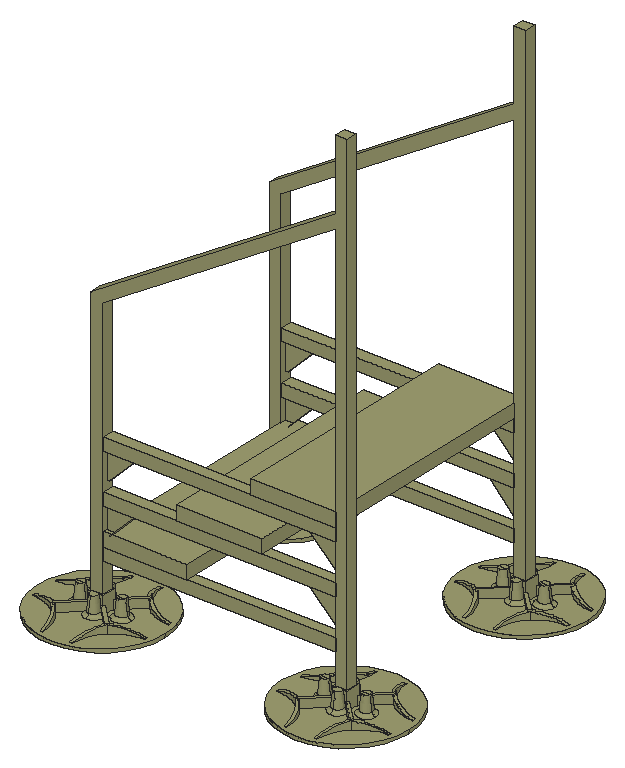
Revit family "Roof_Walkway_Stair", category Generic Models, Revit 2013
Parameters
  offset [instance] = 0 mm
  Warranty Duration (Years) = 0
  Unit Width [instance] = Clear Width + 82.55 mm  # 844.55 mm
  Unit Height [instance] = Stair Rise + 228.6 mm + 1130.3 mm  # 1892.3 mm
  Unit Depth [instance] = (Stair Run) + 82.55 mm  # 920.75 mm
  URL = ""
  Tread_Width [instance] = Clear Width + 82.55 mm  # 844.55 mm
  Tread_Thickness [instance] = 50.8 mm
  Tread_Depth [instance] = 304.8 mm
  Surface Condition [instance] = "[MG - Traction Grip][MS - Smooth]"
  Stair Run [instance] = 838.2 mm
  Stair Rise [instance] = 533.4 mm
  Single Tread [instance] = # Treads = 1  # no
  Single Support [instance] = and(# Treads < 3, # Treads > 1)  # no
  Riser [instance] = Stair Rise / QC_Treads  # 177.8 mm
  Revision = ""
  Rail Angle [instance] = atan(Stair Rise / Stair Run)  # 32.4712°
  QC_Supports [instance] = if(# Treads < 3, 2, # Treads - 1)  # 2
  Multi Tread [instance] = # Treads > 1  # yes
  Multi Support [instance] = # Treads > 2  # yes
  Model = ""
  Material = Support
  Manufacturer = ""
  Maintenance Schedule (Months) = 0
  Keynote = ""
  Installation Phase = ""
  Grating Gauge = "[14ga][18ga]"
  Flange Option = "[FM][MM]"
  Expected Lifespan (Years) = 0
  Drawn By = ""
  Description = ""
  Default Elevation = 1219.2 mm
  Copyright = ""
  Clear Width [instance] = 762 mm
  Base Type [instance] = Base_Walk_Round : Base_Walk_Round
  Assembly Code = ""
  QC_Treads [instance] = if(# Treads < 2, 2, # Treads)  # 3
  # Treads [instance] = 3
Reference planes
  plane 1 "Center (Front/Back)": y = 0
  plane 2 "Bottom": z = 0
  plane 3 "Center (Left/Right)": x = -876.3
  plane 4: x = -457.2
  plane 5: x = -1295.4
  plane 6: z = 76.2
  plane 7: z = 228.6
  plane 8: z = 762
  plane 9: z = 1892.3
  plane 10 "Clear_Back": y = 381
  plane 11 "Clear_Front": y = -381
  plane 12 "Post_Back": y = 401.637
  plane 13 "Post_Front": y = -401.637
  plane 14: z = 1358.9
  plane 15: z = 1016
  plane 16: z = 457.2
Forms (mm)
  Sweep 1, solid, material "Support" <- "Material"
    path origin (0, -401.638, 0) x (-1, 0, 0) y (0, 0, 1)
      loop
        line (436.562, 76.2) -> (436.562, 1851.025)
    profile "P_Rectangle : P_Rectangle" origin (-436.562, -401.638, 963.612) x (1, 0, 0) y (0, 1, 0)
      loop
        line (-20.638, 20.637) -> (-20.638, -20.637) -> (20.637, -20.637) -> (20.637, 20.637) -> (-20.638, 20.637)
  Sweep 2, solid, material "Support" <- "Material"
    path origin (0, 401.637, 0) x (-1, 0, 0) y (0, 0, 1)
      loop
        line (436.562, 76.2) -> (436.562, 1851.025)
    profile "P_Rectangle : P_Rectangle" origin (-436.562, 401.637, 963.612) x (1, 0, 0) y (0, 1, 0)
      loop
        line (-20.638, 20.637) -> (-20.638, -20.637) -> (20.637, -20.637) -> (20.637, 20.637) -> (-20.638, 20.637)
  Sweep 3, solid, material "Support" <- "Material"
    path origin (0, -401.638, 0) x (1, 0, 0) y (0, 0, 1)
      loop
        line (-1336.675, 76.2) -> (-1336.675, 1038.658) -> (-457.2, 1598.324)
    profile "P_Rectangle : P_Rectangle" origin (-1336.675, -401.637, 557.429) x (1, 0, 0) y (0, 1, 0)
      loop
        line (41.275, 20.637) -> (0, 20.637) -> (0, -20.637) -> (41.275, -20.637) -> (41.275, 20.637)
  Sweep 4, solid, material "Support" <- "Material"
    path origin (0, 401.637, 0) x (-1, 0, 0) y (0, 0, 1)
      loop
        line (1336.675, 76.2) -> (1336.675, 1038.658) -> (457.2, 1598.324)
    profile "P_Rectangle : P_Rectangle" origin (-1336.675, 401.637, 557.429) x (1, 0, 0) y (0, 1, 0)
      loop
        line (41.275, 20.637) -> (0, 20.637) -> (0, -20.637) -> (41.275, -20.637) -> (41.275, 20.637)
Cuts and joins
  joined: Sweep 1, Sweep 3
  joined: Sweep 2, Sweep 4
Lines and regions (mm)
  reference lines
    curve 1: line (-1295.4, -401.637, 1016) -> (-223.95, -401.638, 1697.832)
Dimensions and locks
  "Stair Run": plane 5 to plane 4
  locked: plane 6 to level at 76.2
  locked: plane 7 to plane 6 at 152.4
  "Stair Rise": plane 8 to plane 7
  locked: plane 9 to plane 8 at 1130.3
  equal spacing: plane 10 "Clear_Back", plane 1 "Center (Front/Back)", plane 11 "Clear_Front"
  "Clear Width": plane 10 "Clear_Back" to plane 11 "Clear_Front"
  equal spacing: group 1, group 3, group 2  (x2)
  equal spacing: group 2, group 3, group 1
  "Riser": plane 8 to nested 2
  locked: plane 11 "Clear_Front" to plane 13 "Post_Front" at 20.638
  locked: plane 12 "Post_Back" to plane 10 "Clear_Back" at 20.637
  locked: nested 4 to plane 5 at 20.637
  locked: nested 5 to plane 5 at 20.637
  locked: plane 4 to nested 7 at 20.637
  locked: plane 4 to nested 6 at 20.637
  locked: plane 9 to Sweep 1 sketch curve at 41.275
  locked: plane 9 to plane 14 at 533.4
  "Riser": nested 9 to plane 7
  group 5 to group 4 = 0 mm
  group 4 to group 5 = 0 mm
  group 4 to group 5 = 177.8 mm
  "Riser": nested 10 to plane 7
  "Riser": plane 8 to nested 11
  group 7 to group 6 = 0 mm
  group 6 to group 7 = 0 mm
  group 6 to group 7 = 177.8 mm
  "Riser": nested 14 to plane 7
  "Riser": nested 15 to plane 7
  "Riser": plane 8 to nested 16
  locked: plane 15 to plane 6 at 939.8
  locked: plane 5 to Sweep 3 sketch curve at 41.275
  locked: curve 1 to Sweep 3 sketch curve at 41.275
  locked: plane 8 to plane 16 at 304.8
  equal spacing: plane 5, plane 3 "Center (Left/Right)", plane 4
  "Rail Angle": angle plane 15 to curve 1
  aligned and locked: nested 1 to plane 5
  aligned and locked: plane 7 to nested 1
  aligned and locked: nested 2 to plane 4
  aligned and locked: nested 1 to plane 1 "Center (Front/Back)"
  aligned and locked: nested 2 to plane 1 "Center (Front/Back)"
  aligned and locked: nested 5 to plane 12 "Post_Back"
  aligned and locked: nested 7 to plane 12 "Post_Back"
  aligned and locked: nested 6 to plane 13 "Post_Front"
  aligned and locked: nested 4 to plane 13 "Post_Front"
  aligned and locked: plane 6 to Sweep 1 sketch curve
  aligned and locked: plane 5 to nested 8
  aligned and locked: nested 8 to plane 13 "Post_Front"
  aligned and locked: plane 5 to nested 9
  aligned and locked: nested 9 to plane 13 "Post_Front"
  aligned and locked: plane 5 to nested 10
  aligned and locked: plane 5 to nested 11
  aligned and locked: nested 11 to plane 13 "Post_Front"
  aligned and locked: nested 10 to plane 13 "Post_Front"
  aligned and locked: nested 12 to plane 1 "Center (Front/Back)"
  aligned and locked: nested 12 to plane 5
  aligned and locked: nested 13 to plane 12 "Post_Back"
  aligned and locked: nested 14 to plane 12 "Post_Back"
  aligned and locked: nested 15 to plane 12 "Post_Back"
  aligned and locked: nested 16 to plane 12 "Post_Back"
  aligned and locked: plane 4 to Sweep 3 sketch curve
  aligned and locked: plane 5 to nested 13
  aligned and locked: plane 5 to nested 15
  aligned and locked: plane 5 to nested 14
  aligned and locked: plane 5 to nested 16
Automatic sketch dimensions
  plane 4 to Sweep 1 sketch curve = 20.638 mm
  Sweep 2 sketch curve to plane 6 = 0 mm
  plane 4 to Sweep 2 sketch curve = 20.638 mm
  Sweep 2 sketch curve to plane 9 = 41.275 mm
  Sweep 3 sketch curve to plane 6 = 0 mm
  Sweep 4 sketch curve to plane 4 = 0 mm
  Sweep 4 sketch curve to plane 6 = 0 mm
  Sweep 4 sketch curve to plane 5 = 41.275 mm
  Sweep 4 sketch curve to plane 15 = 22.658 mm
  plane 14 to Sweep 4 sketch curve = 239.424 mm
  curve 1 to plane 5 = 0 mm
  curve 1 to plane 15 = 0 mm
Nested families
  nested 1: "Cross_Tread" at (-1143, 0, 228.6) x (0, 1, 0) z (0, 0, 1), Unit Width <- "Tread_Width", Unit Depth <- "Tread_Depth", visible <- "Multi Tread", Material <- "Material", type "Cross_Tread"
    with offset 0 mm, Unit Width 844.55 mm, Unit Depth 304.8 mm, Material Support, Unit Height 50.8 mm
  nested 2: "Cross_Tread" at (-609.6, 0, 584.2) x (0, 1, 0) z (0, 0, 1), Unit Width <- "Tread_Width", Unit Depth <- "Tread_Depth", visible <- "Multi Tread", Material <- "Material", type "Cross_Tread"
    with offset 0 mm, Unit Width 844.55 mm, Unit Depth 304.8 mm, Material Support, Unit Height 50.8 mm
  nested 3: "Cross_Tread" at (-876.3, 0, 406.4) x (0, 1, 0) z (0, 0, 1), Unit Width <- "Tread_Width", Unit Depth <- "Tread_Depth", visible <- "Multi Tread", Material <- "Material", type "Cross_Tread"
    with offset 0 mm, Unit Width 844.55 mm, Unit Depth 304.8 mm, Material Support, Unit Height 50.8 mm
  nested 4: "Base_Walk_Round" at (-1316.038, -401.638, 0), type <- "Base Type", type "Base_Walk_Round"
  nested 5: "Base_Walk_Round" at (-1316.037, 401.637, 0), type <- "Base Type", type "Base_Walk_Round"
  nested 6: "Base_Walk_Round" at (-436.563, -401.638, 0), type <- "Base Type", type "Base_Walk_Round"
  nested 7: "Base_Walk_Round" at (-436.562, 401.637, 0), type <- "Base Type", type "Base_Walk_Round"
  nested 8: "Cross_TreadSupport" at (-876.3, -401.637, 228.6), Unit Width <- "Stair Run", type "Cross_TreadSupport"
    with offset 0 mm, Unit Width 838.2 mm, Angle Supports no
  nested 9: "Cross_TreadSupport" at (-876.3, -401.637, 406.4), Unit Width <- "Stair Run", visible <- "Single Support", type "Cross_TreadSupport"
    with offset 0 mm, Unit Width 838.2 mm, Angle Supports yes
  nested 10: "Cross_TreadSupport" at (-876.3, -401.637, 406.4), Unit Width <- "Stair Run", visible <- "Multi Support", type "Cross_TreadSupport"
    with offset 0 mm, Unit Width 838.2 mm, Angle Supports yes
  nested 11: "Cross_TreadSupport" at (-876.3, -401.637, 584.2), Unit Width <- "Stair Run", visible <- "Multi Support", type "Cross_TreadSupport"
    with offset 0 mm, Unit Width 838.2 mm, Angle Supports yes
  nested 12: "Cross_Tread" at (-1143, 0, 228.6) x (0, 1, 0) z (0, 0, 1), Unit Width <- "Tread_Width", Unit Depth <- "Tread_Depth", visible <- "Single Tread", type "Cross_Tread"
    with offset 0 mm, Unit Width 844.55 mm, Unit Depth 304.8 mm, Material Metal - Steel - PHP - Galvanized, Unit Height 50.8 mm
  nested 13: "Cross_TreadSupport" at (-876.3, 401.637, 228.6), Unit Width <- "Stair Run", type "Cross_TreadSupport"
    with offset 0 mm, Unit Width 838.2 mm, Angle Supports no
  nested 14: "Cross_TreadSupport" at (-876.3, 401.637, 406.4), Unit Width <- "Stair Run", visible <- "Single Support", type "Cross_TreadSupport"
    with offset 0 mm, Unit Width 838.2 mm, Angle Supports yes
  nested 15: "Cross_TreadSupport" at (-876.3, 401.637, 406.4), Unit Width <- "Stair Run", visible <- "Multi Support", type "Cross_TreadSupport"
    with offset 0 mm, Unit Width 838.2 mm, Angle Supports yes
  nested 16: "Cross_TreadSupport" at (-876.3, 401.637, 584.2), Unit Width <- "Stair Run", visible <- "Multi Support", type "Cross_TreadSupport"
    with offset 0 mm, Unit Width 838.2 mm, Angle Supports yes
Definition of nested family "Cross_Tread"
  Parameters
    offset [instance] = 0 mm
    Warranty Duration (Years) = 0
    Unit Width [instance] = 1219.2 mm
    Unit Height = 76.2 mm
    Unit Depth [instance] = 304.8 mm
    URL = "http://www.phpsd.com/"
    Test Data = "http://www.phpsd.com/test_data.htm"
    Specification = "http://www.arcat.com/sd/clients/portpipe.html?coid=38679"
    Send Message = "http://www.arcat.com/users.pl?action=UserEmail&company=PHP%20Systems/Design&coid=38679&rep=108&fax=713-672-7986&mf="
    Sales Information = "http://www.phpsd.com/quote_request.htm"
    Revision = "R1_03-2010"
    Product Properties = "http://www.arcat.com/bim/bim_info.pl?fn="
    Product Data = "http://www.arcat.com/arcatcos/cos38/arc38679.html"
    Model = "As Specified in 21 05 29"
    Material [instance] = Plastic - PHP - High Density Polypropylene - Black - UV Protected
    Manufacturer Website = "http://www.phpsd.com/"
    Manufacturer Phone - Toll Free = "800-797-6585 "
    Manufacturer Phone = "713-672-5088 "
    Manufacturer Fax = "713-672-7986"
    Manufacturer Address = "5534 Harvey Wilson Dr., Houston, TX 77020"
    Manufacturer = "PHP Systems"
    Maintenance Schedule (Months) = 0
    Keynote = "21 05 29"
    Installation-Fabrication = "http://www.phpsd.com/help_me_decide.htm"
    Installation Phase = ""
    Green Building-LEED = "http://www.arcat.com/green/clients/leed_data_38679.html"
    Expected Lifespan (Years) = 0
    Engineering Data = "http://www.phpsd.com/engineering_tables.htm"
    Drawn By = "Robert S. Weygant, CSI, CDT, SCIP"
    Description = "Rooftop Equipment as Specified in 21 05 29"
    Default Elevation = 1219.2 mm
    Copyright = "2010, ARCAT, Inc"
    Construction Details = "http://www.arcat.com/details/portpipe/portpipe.html?coid=38679"
    Assembly Code = "D3090700"
  Reference planes
    plane 1 "Center (Front/Back)": y = 0
    plane 2 "Bottom": z = 0
    plane 3 "Center (Left/Right)": x = 0
    plane 4 "Front": y = -152.4
    plane 5 "Back": y = 152.4
    plane 6 "Left": x = -609.6
    plane 7 "Right": x = 609.6
    plane 8 "Base": z = 76.2
  Forms (mm)
    Sweep 1, solid, material "Plastic - PHP - High Density Polypropylene - Black - UV Protected" <- "Material"
      path origin (0, 0, 0) x (1, 0, 0) y (0, 1, 0)
        loop
          line (-609.6, 0) -> (609.6, 0)
      profile origin (0, 0, 0) x (0, 1, 0) y (0, 0, 1)
        loop
          line (152.4, 0) -> (152.4, 76.2) -> (-152.4, 76.2) -> (-152.4, 0) -> (152.4, 0)
  Dimensions and locks
    equal spacing: plane 5 "Back", plane 1 "Center (Front/Back)", plane 4 "Front"
    equal spacing: plane 6 "Left", plane 3 "Center (Left/Right)", plane 7 "Right"
    "Unit Width": plane 6 "Left" to plane 7 "Right"
    "Unit Height": plane 8 "Base" to level
    "Unit Depth": plane 5 "Back" to plane 4 "Front"
    aligned and locked: plane 5 "Back" to Sweep 1 sketch curve
    aligned and locked: profile plane to Sweep 1 sketch curve
    aligned and locked: plane 8 "Base" to Sweep 1 sketch curve
    aligned and locked: Sweep 1 sketch curve to plane 4 "Front"
  Automatic sketch dimensions
    Sweep 1 sketch curve to plane 1 "Center (Front/Back)" = 0 mm
    Sweep 1 sketch curve to plane 6 "Left" = 0 mm
    Sweep 1 sketch curve to plane 7 "Right" = 0 mm
Definition of nested family "Base_Walk_Round"
  Parameters (values of type "Base_Walk_Round")
    offset [instance] = 0 mm
    Warranty Duration (Years) = 0
    Unit Width = 457.2 mm
    Unit Height = 76.2 mm
    Unit Depth = Unit Width  # 457.2 mm
    URL = ""
    Test Data = ""
    Specification = ""
    Send Message = ""
    Sales Information = ""
    Revision = ""
    Product Properties = ""
    Product Data = ""
    Model = ""
    Material = Support
    Manufacturer Website = ""
    Manufacturer Phone - Toll Free = ""
    Manufacturer Phone = ""
    Manufacturer Fax = ""
    Manufacturer Address = ""
    Manufacturer = ""
    Maintenance Schedule (Months) = 0
    Keynote = ""
    Installation-Fabrication = ""
    Installation Phase = ""
    Green Building-LEED = ""
    Expected Lifespan (Years) = 0
    Engineering Data = ""
    Drawn By = "Robert S. Weygant, CSI, CDT, SCIP"
    Description = ""
    Default Elevation = 1219.2 mm
    Copyright = "2010, ARCAT, Inc"
    Construction Details = ""
    Assembly Code = ""
  Reference planes
    plane 1 "Center (Front/Back)": y = 0
    plane 2 "Bottom": z = 0
    plane 3 "Center (Left/Right)": x = 0
    plane 4 "Front": y = -228.6
    plane 5 "Back": y = 228.6
    plane 6 "Left": x = -228.6
    plane 7 "Right": x = 228.6
    plane 8 "Top": z = 76.2
    plane 9: z = 31.707
    plane 10: z = 11.536
    plane 11 "Brace_Lt": x = -74.627
    plane 12 "Brace_Rt": x = 74.627
  Forms (mm)
    Extrusion 1, solid, material "Support" <- "Material"
      sketch origin (0, 0, 0) x (1, 0, 0) y (0, 1, 0)
        loop
          circle (0, 0) r 228.6
      from 0 to 11.536
    Extrusion 2, solid, material "Support" <- "Material"
      sketch origin (141.287, -4572, 11.536) x (0, -1, 0) y (-1, 0, 0)
        loop
          line (-4598.46, 167.47) -> (-4598.46, 115.104) -> (-4545.54, 115.104) -> (-4545.54, 167.47) -> (-4598.46, 167.47)
      from 0 to -64.664
    Revolve 3, solid, material "Support" <- "Material"
      sketch origin (0, 0, 0) x (1, 0, 0) y (0, 0, 1)
        loop
          line (-89.39, 76.2) -> (-94.497, 23.161)
          arc (-94.497, 23.161) -> (-99.091, 14.843) -> (-107.999, 11.536) r 13.653
          line (-107.999, 11.536) -> (-74.627, 11.536) -> (-74.627, 76.2) -> (-89.39, 76.2)
        axis (-74.627, 11.536) -> (-74.627, 76.2)
      angle from 0 to 360
    Revolve 4, solid, material "Support" <- "Material"
      sketch origin (0, 0, 0) x (-1, 0, 0) y (0, 0, 1)
        loop
          line (-89.39, 76.2) -> (-94.497, 23.161)
          arc (-94.497, 23.161) -> (-99.091, 14.843) -> (-107.999, 11.536) r 13.653
          line (-107.999, 11.536) -> (-74.627, 11.536) -> (-74.627, 76.2) -> (-89.39, 76.2)
        axis (-74.627, 11.536) -> (-74.627, 76.2)
      angle from 0 to 360
    Revolve 5, solid, material "Support" <- "Material"
      sketch origin (0, 0, 0) x (0, 1, 0) y (0, 0, 1)
        loop
          line (49.562, 76.2) -> (34.799, 76.2) -> (34.799, 11.536) -> (68.171, 11.536)
          arc (68.171, 11.536) -> (59.263, 14.843) -> (54.669, 23.161) r 13.653
          line (54.669, 23.161) -> (49.562, 76.2)
        axis (34.799, 11.536) -> (34.799, 76.2)
      angle from 0 to 360
    Revolve 6, solid, material "Support" <- "Material"
      sketch origin (0, 0, 0) x (0, -1, 0) y (0, 0, -1)
        loop
          line (49.562, -76.2) -> (54.669, -23.161)
          arc (54.669, -23.161) -> (59.263, -14.843) -> (68.171, -11.536) r 13.653
          line (68.171, -11.536) -> (34.799, -11.536) -> (34.799, -76.2) -> (49.562, -76.2)
        axis (34.799, -11.536) -> (34.799, -76.2)
      angle from 0 to 360
    Sweep 7, solid, material "Support" <- "Material"
      path origin (141.287, -4572, 11.536) x (0, -1, 0) y (1, 0, 0)
        loop
          line (-4475.017, -238.336) -> (-4552.464, -160.889)
      profile origin (-58.325, -58.26, 11.536) x (-0.707107, 0.707107, 0) y (0, 0, 1)
        loop
          line (4.762, 0) -> (4.762, 31.75) -> (-4.763, 31.75) -> (-4.763, 0) -> (4.762, 0)
    Sweep 8, solid, material "Support" <- "Material"
      path origin (-141.287, -4572, 11.536) x (0, 1, 0) y (-1, 0, 0)
        loop
          line (4473.866, -239.486) -> (4552.464, -160.889)
      profile origin (58.901, -58.835, 11.536) x (-0.707107, -0.707107, 0) y (0, 0, 1)
        loop
          line (-4.762, 0) -> (4.763, 0) -> (4.763, 31.75) -> (-4.762, 31.75) -> (-4.762, 0)
    Sweep 9, solid, material "Support" <- "Material"
      path origin (141.287, 4572, 11.536) x (0, -1, 0) y (1, 0, 0)
        loop
          line (4475.017, -238.336) -> (4552.464, -160.889)
      profile origin (-58.325, 58.26, 11.536) x (0.707107, 0.707107, 0) y (0, 0, 1)
        loop
          line (-4.762, 0) -> (4.763, 0) -> (4.763, 31.75) -> (-4.762, 31.75) -> (-4.762, 0)
    Sweep 10, solid, material "Support" <- "Material"
      path origin (-141.287, 4572, 11.536) x (0, 1, 0) y (-1, 0, 0)
        loop
          line (-4473.887, -239.465) -> (-4552.464, -160.889)
      profile origin (58.89, 58.825, 11.536) x (0.707107, -0.707107, 0) y (0, 0, 1)
        loop
          line (4.762, 0) -> (4.762, 31.75) -> (-4.763, 31.75) -> (-4.763, 0) -> (4.762, 0)
    SweptBlend 11, solid, material "Support" <- "Material"
      path origin (141.287, -4572, 11.536) x (0, -1, 0) y (1, 0, 0)
        loop
          arc (-4518.428, -343.122) -> (-4507.149, -286.419) -> (-4475.03, -238.348) r 148.172
      profile origin (-201.835, -53.572, 11.536) x (0, 1, 0) y (0, 0, 1)
        loop
          line (-4.763, 0) -> (-4.763, -3.175) -> (4.763, -3.175) -> (4.763, 0) -> (-4.763, 0)
      end profile origin (-97.061, -96.97, 11.536) x (0.707107, 0.707107, 0) y (0, 0, 1)
        loop
          line (-4.763, 28.575) -> (-4.763, -3.175) -> (4.762, -3.175) -> (4.762, 28.575) -> (-4.763, 28.575)
    SweptBlend 12, solid, material "Support" <- "Material"
      path origin (-4572.066, 141.352, 11.536) x (1, 0, 0) y (0, 1, 0)
        loop
          arc (4518.403, -343.097) -> (4507.124, -286.394) -> (4475.004, -238.323) r 148.172
      profile origin (-53.663, -201.744, 11.536) x (-1, 0, 0) y (0, 0, 1)
        loop
          line (4.762, 0) -> (-4.763, 0) -> (-4.763, -3.175) -> (4.762, -3.175) -> (4.762, 0)
      end profile origin (-97.061, -96.97, 11.536) x (-0.707107, -0.707107, 0) y (0, 0, 1)
        loop
          line (4.763, 28.575) -> (-4.762, 28.575) -> (-4.762, -3.175) -> (4.763, -3.175) -> (4.763, 28.575)
    SweptBlend 13, solid, material "Support" <- "Material"
      path origin (141.287, 4572, 11.536) x (0, -1, 0) y (1, 0, 0)
        loop
          arc (4518.428, -343.122) -> (4507.149, -286.419) -> (4475.03, -238.348) r 148.172
      profile origin (-201.835, 53.572, 11.536) x (0, 1, 0) y (0, 0, 1)
        loop
          line (4.763, 0) -> (-4.762, 0) -> (-4.762, -3.175) -> (4.763, -3.175) -> (4.763, 0)
      end profile origin (-97.061, 96.97, 11.536) x (-0.707107, 0.707107, 0) y (0, 0, 1)
        loop
          line (4.763, 28.575) -> (-4.762, 28.575) -> (-4.762, -3.175) -> (4.763, -3.175) -> (4.763, 28.575)
    SweptBlend 14, solid, material "Support" <- "Material"
      path origin (-4572.066, -141.352, 11.536) x (-1, 0, 0) y (0, -1, 0)
        loop
          arc (-4518.403, -343.097) -> (-4507.124, -286.394) -> (-4475.004, -238.323) r 148.172
      profile origin (-53.663, 201.744, 11.536) x (1, 0, 0) y (0, 0, 1)
        loop
          line (-4.762, 0) -> (-4.762, -3.175) -> (4.763, -3.175) -> (4.763, 0) -> (-4.762, 0)
      end profile origin (-97.061, 96.97, 11.536) x (0.707107, -0.707107, 0) y (0, 0, 1)
        loop
          line (-4.763, 28.575) -> (-4.763, -3.175) -> (4.762, -3.175) -> (4.762, 28.575) -> (-4.763, 28.575)
    SweptBlend 15, solid, material "Support" <- "Material"
      path origin (-141.287, -4572, 11.536) x (0, 1, 0) y (-1, 0, 0)
        loop
          arc (4518.428, -343.122) -> (4507.149, -286.419) -> (4475.03, -238.348) r 148.172
      profile origin (201.835, -53.572, 11.536) x (0, -1, 0) y (0, 0, 1)
        loop
          line (4.762, 0) -> (-4.763, 0) -> (-4.763, -3.175) -> (4.762, -3.175) -> (4.762, 0)
      end profile origin (97.061, -96.97, 11.536) x (0.707107, -0.707107, 0) y (0, 0, 1)
        loop
          line (4.763, 28.575) -> (-4.762, 28.575) -> (-4.762, -3.175) -> (4.763, -3.175) -> (4.763, 28.575)
    SweptBlend 16, solid, material "Support" <- "Material"
      path origin (4572.066, 141.352, 11.536) x (1, 0, 0) y (0, 1, 0)
        loop
          arc (-4518.403, -343.097) -> (-4507.124, -286.394) -> (-4475.004, -238.323) r 148.172
      profile origin (53.663, -201.744, 11.536) x (-1, 0, 0) y (0, 0, 1)
        loop
          line (-4.763, 0) -> (-4.763, -3.175) -> (4.762, -3.175) -> (4.762, 0) -> (-4.763, 0)
      end profile origin (97.061, -96.97, 11.536) x (-0.707107, 0.707107, 0) y (0, 0, 1)
        loop
          line (-4.763, 28.575) -> (-4.763, -3.175) -> (4.762, -3.175) -> (4.762, 28.575) -> (-4.763, 28.575)
    SweptBlend 17, solid, material "Support" <- "Material"
      path origin (-141.287, 4572, 11.536) x (0, 1, 0) y (-1, 0, 0)
        loop
          arc (-4518.428, -343.122) -> (-4507.149, -286.419) -> (-4475.03, -238.348) r 148.172
      profile origin (201.835, 53.572, 11.536) x (0, -1, 0) y (0, 0, 1)
        loop
          line (-4.763, 0) -> (-4.763, -3.175) -> (4.762, -3.175) -> (4.762, 0) -> (-4.763, 0)
      end profile origin (97.061, 96.97, 11.536) x (-0.707107, -0.707107, 0) y (0, 0, 1)
        loop
          line (-4.763, 28.575) -> (-4.763, -3.175) -> (4.762, -3.175) -> (4.762, 28.575) -> (-4.763, 28.575)
    SweptBlend 18, solid, material "Support" <- "Material"
      path origin (4572.066, -141.352, 11.536) x (-1, 0, 0) y (0, -1, 0)
        loop
          arc (4518.403, -343.097) -> (4507.124, -286.394) -> (4475.004, -238.323) r 148.172
      profile origin (53.663, 201.744, 11.536) x (1, 0, 0) y (0, 0, 1)
        loop
          line (4.762, 0) -> (-4.763, 0) -> (-4.763, -3.175) -> (4.762, -3.175) -> (4.762, 0)
      end profile origin (97.061, 96.97, 11.536) x (0.707107, 0.707107, 0) y (0, 0, 1)
        loop
          line (4.763, 28.575) -> (-4.762, 28.575) -> (-4.762, -3.175) -> (4.763, -3.175) -> (4.763, 28.575)
  Cuts and joins
    joined: Extrusion 1, Extrusion 2, Revolve 3, Revolve 4, Revolve 5, Revolve 6, Sweep 7, Sweep 8, Sweep 9, Sweep 10, SweptBlend 11, SweptBlend 12, SweptBlend 13, SweptBlend 14, SweptBlend 15, SweptBlend 16, SweptBlend 17, SweptBlend 18
  Dimensions and locks
    equal spacing: plane 5 "Back", plane 1 "Center (Front/Back)", plane 4 "Front"
    "Unit Depth": plane 5 "Back" to plane 4 "Front"
    equal spacing: plane 6 "Left", plane 3 "Center (Left/Right)", plane 7 "Right"
    "Unit Width": plane 6 "Left" to plane 7 "Right"
    "Unit Height": plane 8 "Top" to level
    aligned and locked: Extrusion 1 to plane 10
    aligned and locked: plane 8 "Top" to Extrusion 2
  Automatic sketch dimensions
    Extrusion 1 sketch curve to plane 1 "Center (Front/Back)" = 0 mm
    Extrusion 1 sketch curve to plane 3 "Center (Left/Right)" = 0 mm
    Extrusion 2 sketch curve to plane 1 "Center (Front/Back)" = 26.46 mm
    plane 1 "Center (Front/Back)" to Extrusion 2 sketch curve = 26.46 mm
    Extrusion 2 sketch curve to plane 3 "Center (Left/Right)" = 26.183 mm
    plane 3 "Center (Left/Right)" to Extrusion 2 sketch curve = 26.183 mm
    Revolve 3 sketch curve to plane 10 = 0 mm  (x2)
    Revolve 3 sketch curve to plane 8 "Top" = 0 mm
    Revolve 3 sketch curve to plane 11 "Brace_Lt" = 0 mm  (x2)
    plane 11 "Brace_Lt" to Revolve 3 sketch curve = 14.763 mm
    plane 9 to Revolve 3 sketch curve = 8.546 mm
    plane 11 "Brace_Lt" to Revolve 3 sketch curve = 19.87 mm
    plane 9 to Revolve 3 sketch curve = 6.518 mm
    Revolve 3 sketch curve to Revolve 3 sketch curve = 0 mm
    Revolve 3 sketch curve to level = 5.766 mm
    Revolve 3 sketch curve to Revolve 3 sketch curve = 17.137 mm
    Revolve 4 sketch curve to plane 10 = 0 mm  (x2)
    Revolve 4 sketch curve to plane 8 "Top" = 0 mm
    Revolve 4 sketch curve to plane 12 "Brace_Rt" = 0 mm  (x2)
    plane 12 "Brace_Rt" to Revolve 4 sketch curve = 14.763 mm
    Revolve 4 sketch curve to plane 9 = 8.546 mm
    plane 12 "Brace_Rt" to Revolve 4 sketch curve = 19.87 mm
    Revolve 4 sketch curve to plane 9 = 6.518 mm
    Revolve 4 sketch curve to Revolve 4 sketch curve = 0 mm
    level to Revolve 4 sketch curve = 5.766 mm
    Revolve 4 sketch curve to Revolve 4 sketch curve = 17.137 mm
    Revolve 5 sketch curve to plane 8 "Top" = 0 mm
    Revolve 5 sketch curve to plane 10 = 0 mm  (x2)
    Revolve 5 sketch curve to plane 1 "Center (Front/Back)" = 34.799 mm
    Revolve 5 sketch curve to level = 5.766 mm
    Revolve 5 sketch curve to Revolve 5 sketch curve = 0 mm
    Revolve 5 sketch curve to Revolve 5 sketch curve = 14.763 mm
    plane 9 to Revolve 5 sketch curve = 8.546 mm
    Revolve 5 sketch curve to Revolve 5 sketch curve = 19.87 mm
    Revolve 5 sketch curve to Revolve 5 sketch curve = 13.501 mm
    plane 9 to Revolve 5 sketch curve = 6.518 mm
    Revolve 5 sketch curve to Revolve 5 sketch curve = 17.137 mm
    Revolve 6 sketch curve to plane 8 "Top" = 0 mm
    Revolve 6 sketch curve to plane 10 = 0 mm  (x2)
    plane 1 "Center (Front/Back)" to Revolve 6 sketch curve = 34.799 mm
    Revolve 6 sketch curve to level = 5.766 mm
    Revolve 6 sketch curve to Revolve 6 sketch curve = 0 mm
    Revolve 6 sketch curve to Revolve 6 sketch curve = 14.763 mm
    plane 9 to Revolve 6 sketch curve = 8.546 mm
    Revolve 6 sketch curve to Revolve 6 sketch curve = 19.87 mm
    Revolve 6 sketch curve to Revolve 6 sketch curve = 13.501 mm
    plane 9 to Revolve 6 sketch curve = 6.518 mm
    Revolve 6 sketch curve to Revolve 6 sketch curve = 17.137 mm
    Sweep 7 sketch curve to plane 10 = 0 mm
    profile plane to Sweep 7 sketch curve = 4.763 mm
    Sweep 7 sketch curve to profile plane = 4.763 mm
    Sweep 7 sketch curve to plane 10 = 31.75 mm
    Sweep 8 sketch curve to plane 10 = 0 mm
    profile plane to Sweep 8 sketch curve = 4.762 mm
    Sweep 8 sketch curve to profile plane = 4.763 mm
    Sweep 8 sketch curve to Sweep 8 sketch curve = 31.75 mm
    Sweep 9 sketch curve to plane 10 = 0 mm
    profile plane to Sweep 9 sketch curve = 4.762 mm
    Sweep 9 sketch curve to profile plane = 4.763 mm
    Sweep 9 sketch curve to plane 10 = 31.75 mm
    Sweep 10 sketch curve to plane 10 = 0 mm
    profile plane to Sweep 10 sketch curve = 4.763 mm
    Sweep 10 sketch curve to profile plane = 4.762 mm
    Sweep 10 sketch curve to Sweep 10 sketch curve = 31.75 mm
    plane 1 "Center (Front/Back)" to SweptBlend 11 sketch curve = 53.572 mm
    plane 11 "Brace_Lt" to SweptBlend 11 sketch curve = 22.434 mm
    plane 1 "Center (Front/Back)" to SweptBlend 11 sketch curve = 96.97 mm
    plane 6 "Left" to SweptBlend 11 sketch curve = 26.765 mm
    SweptBlend 11 sketch curve to profile plane = 0 mm
    profile plane to SweptBlend 11 sketch curve = 4.762 mm
    SweptBlend 11 sketch curve to profile plane = 4.763 mm
    SweptBlend 11 sketch curve to profile plane = 3.175 mm  (x2)
    profile plane to SweptBlend 11 sketch curve = 4.763 mm
    SweptBlend 11 sketch curve to profile plane = 4.762 mm
    profile plane to SweptBlend 11 sketch curve = 28.575 mm
    plane 6 "Left" to SweptBlend 12 sketch curve = 26.765 mm
    plane 11 "Brace_Lt" to SweptBlend 12 sketch curve = 22.434 mm
    SweptBlend 12 sketch curve to plane 11 "Brace_Lt" = 20.965 mm
    plane 4 "Front" to SweptBlend 12 sketch curve = 26.856 mm
    SweptBlend 12 sketch curve to profile plane = 0 mm
    profile plane to SweptBlend 12 sketch curve = 4.763 mm
    SweptBlend 12 sketch curve to profile plane = 4.762 mm
    SweptBlend 12 sketch curve to SweptBlend 12 sketch curve = 3.175 mm
    profile plane to SweptBlend 12 sketch curve = 4.762 mm
    SweptBlend 12 sketch curve to profile plane = 4.763 mm
    SweptBlend 12 sketch curve to profile plane = 3.175 mm
    profile plane to SweptBlend 12 sketch curve = 28.575 mm
    SweptBlend 13 sketch curve to plane 5 "Back" = 26.856 mm
    plane 11 "Brace_Lt" to SweptBlend 13 sketch curve = 22.434 mm
    SweptBlend 13 sketch curve to plane 1 "Center (Front/Back)" = 96.97 mm
    plane 6 "Left" to SweptBlend 13 sketch curve = 26.765 mm
    SweptBlend 13 sketch curve to profile plane = 0 mm
    profile plane to SweptBlend 13 sketch curve = 4.762 mm  (x2)
    SweptBlend 13 sketch curve to profile plane = 4.763 mm
    SweptBlend 13 sketch curve to SweptBlend 13 sketch curve = 3.175 mm
    SweptBlend 13 sketch curve to profile plane = 4.762 mm
    SweptBlend 13 sketch curve to profile plane = 3.175 mm
    profile plane to SweptBlend 13 sketch curve = 28.575 mm
    SweptBlend 14 sketch curve to plane 11 "Brace_Lt" = 20.965 mm
    plane 11 "Brace_Lt" to SweptBlend 14 sketch curve = 22.434 mm
    plane 6 "Left" to SweptBlend 14 sketch curve = 26.765 mm
    SweptBlend 14 sketch curve to plane 5 "Back" = 26.856 mm
    SweptBlend 14 sketch curve to profile plane = 0 mm
    profile plane to SweptBlend 14 sketch curve = 4.762 mm
    SweptBlend 14 sketch curve to profile plane = 4.763 mm
    SweptBlend 14 sketch curve to SweptBlend 14 sketch curve = 3.175 mm
    profile plane to SweptBlend 14 sketch curve = 4.763 mm
    SweptBlend 14 sketch curve to profile plane = 4.762 mm
    SweptBlend 14 sketch curve to profile plane = 3.175 mm
    profile plane to SweptBlend 14 sketch curve = 28.575 mm
    plane 4 "Front" to SweptBlend 15 sketch curve = 26.856 mm
    SweptBlend 15 sketch curve to plane 12 "Brace_Rt" = 22.434 mm
    plane 1 "Center (Front/Back)" to SweptBlend 15 sketch curve = 96.97 mm
    SweptBlend 15 sketch curve to plane 7 "Right" = 26.765 mm
    SweptBlend 15 sketch curve to profile plane = 0 mm
    profile plane to SweptBlend 15 sketch curve = 4.763 mm
    SweptBlend 15 sketch curve to profile plane = 4.762 mm
    SweptBlend 15 sketch curve to SweptBlend 15 sketch curve = 3.175 mm
    profile plane to SweptBlend 15 sketch curve = 4.762 mm
    SweptBlend 15 sketch curve to profile plane = 4.763 mm
    SweptBlend 15 sketch curve to profile plane = 3.175 mm
    profile plane to SweptBlend 15 sketch curve = 28.575 mm
    plane 12 "Brace_Rt" to SweptBlend 16 sketch curve = 20.965 mm
    SweptBlend 16 sketch curve to plane 12 "Brace_Rt" = 22.434 mm
    SweptBlend 16 sketch curve to plane 7 "Right" = 26.765 mm
    plane 4 "Front" to SweptBlend 16 sketch curve = 26.856 mm
    SweptBlend 16 sketch curve to profile plane = 0 mm
    profile plane to SweptBlend 16 sketch curve = 4.763 mm  (x2)
    SweptBlend 16 sketch curve to profile plane = 4.762 mm  (x2)
    SweptBlend 16 sketch curve to SweptBlend 16 sketch curve = 3.175 mm
    SweptBlend 16 sketch curve to profile plane = 3.175 mm
    profile plane to SweptBlend 16 sketch curve = 28.575 mm
    SweptBlend 17 sketch curve to plane 1 "Center (Front/Back)" = 53.572 mm
    SweptBlend 17 sketch curve to plane 12 "Brace_Rt" = 22.434 mm
    SweptBlend 17 sketch curve to plane 1 "Center (Front/Back)" = 96.97 mm
    SweptBlend 17 sketch curve to plane 7 "Right" = 26.765 mm
    SweptBlend 17 sketch curve to profile plane = 0 mm
    profile plane to SweptBlend 17 sketch curve = 4.763 mm
    SweptBlend 17 sketch curve to profile plane = 4.762 mm
    SweptBlend 17 sketch curve to SweptBlend 17 sketch curve = 3.175 mm
    profile plane to SweptBlend 17 sketch curve = 4.762 mm
    SweptBlend 17 sketch curve to profile plane = 4.763 mm
    SweptBlend 17 sketch curve to profile plane = 3.175 mm
    profile plane to SweptBlend 17 sketch curve = 28.575 mm
    SweptBlend 18 sketch curve to plane 7 "Right" = 26.765 mm
    SweptBlend 18 sketch curve to plane 12 "Brace_Rt" = 22.434 mm
    plane 12 "Brace_Rt" to SweptBlend 18 sketch curve = 20.965 mm
    SweptBlend 18 sketch curve to plane 5 "Back" = 26.856 mm
    SweptBlend 18 sketch curve to profile plane = 0 mm
    profile plane to SweptBlend 18 sketch curve = 4.763 mm
    SweptBlend 18 sketch curve to profile plane = 4.762 mm
    SweptBlend 18 sketch curve to SweptBlend 18 sketch curve = 3.175 mm
    profile plane to SweptBlend 18 sketch curve = 4.762 mm
    SweptBlend 18 sketch curve to profile plane = 4.763 mm
    SweptBlend 18 sketch curve to profile plane = 3.175 mm
    profile plane to SweptBlend 18 sketch curve = 28.575 mm
    Sweep 8 sketch curve to plane 12 "Brace_Rt" = 23.572 mm
    plane 1 "Center (Front/Back)" to Sweep 8 sketch curve = 98.134 mm
    plane 1 "Center (Front/Back)" to Sweep 8 sketch curve = 19.536 mm
    plane 3 "Center (Left/Right)" to Sweep 8 sketch curve = 19.602 mm
    Sweep 10 sketch curve to plane 1 "Center (Front/Back)" = 19.536 mm
    Sweep 10 sketch curve to plane 12 "Brace_Rt" = 23.551 mm
    Sweep 10 sketch curve to plane 1 "Center (Front/Back)" = 98.113 mm
    plane 3 "Center (Left/Right)" to Sweep 10 sketch curve = 19.602 mm
    plane 11 "Brace_Lt" to Sweep 9 sketch curve = 22.421 mm
    Sweep 9 sketch curve to plane 1 "Center (Front/Back)" = 96.983 mm
    Sweep 9 sketch curve to plane 1 "Center (Front/Back)" = 19.536 mm
    Sweep 9 sketch curve to plane 3 "Center (Left/Right)" = 19.602 mm
    plane 1 "Center (Front/Back)" to Sweep 7 sketch curve = 19.536 mm
    plane 11 "Brace_Lt" to Sweep 7 sketch curve = 22.421 mm
    plane 1 "Center (Front/Back)" to Sweep 7 sketch curve = 96.983 mm
    Sweep 7 sketch curve to plane 3 "Center (Left/Right)" = 19.602 mm
    radius of Extrusion 1 sketch curve = 228.6 mm
Definition of nested family "Cross_TreadSupport"
  Parameters
    offset [instance] = 0 mm
    Warranty Duration (Years) = 0
    Unit Width [instance] = 1219.2 mm
    Unit Height = 76.2 mm
    Unit Depth = 304.8 mm
    URL = "http://www.phpsd.com/"
    Test Data = "http://www.phpsd.com/test_data.htm"
    Specification = "http://www.arcat.com/sd/clients/portpipe.html?coid=38679"
    Send Message = "http://www.arcat.com/users.pl?action=UserEmail&company=PHP%20Systems/Design&coid=38679&rep=108&fax=713-672-7986&mf="
    Sales Information = "http://www.phpsd.com/quote_request.htm"
    Revision = "R1_03-2010"
    Product Properties = "http://www.arcat.com/bim/bim_info.pl?fn="
    Product Data = "http://www.arcat.com/arcatcos/cos38/arc38679.html"
    Model = "As Specified in 21 05 29"
    Material = Plastic - PHP - High Density Polypropylene - Black - UV Protected
    Manufacturer Website = "http://www.phpsd.com/"
    Manufacturer Phone - Toll Free = "800-797-6585 "
    Manufacturer Phone = "713-672-5088 "
    Manufacturer Fax = "713-672-7986"
    Manufacturer Address = "5534 Harvey Wilson Dr., Houston, TX 77020"
    Manufacturer = "PHP Systems"
    Maintenance Schedule (Months) = 0
    Keynote = "21 05 29"
    Installation-Fabrication = "http://www.phpsd.com/help_me_decide.htm"
    Installation Phase = ""
    Green Building-LEED = "http://www.arcat.com/green/clients/leed_data_38679.html"
    Expected Lifespan (Years) = 0
    Engineering Data = "http://www.phpsd.com/engineering_tables.htm"
    Drawn By = "Robert S. Weygant, CSI, CDT, SCIP"
    Description = "Rooftop Equipment as Specified in 21 05 29"
    Default Elevation = 1219.2 mm
    Copyright = "2010, ARCAT, Inc"
    Construction Details = "http://www.arcat.com/details/portpipe/portpipe.html?coid=38679"
    Assembly Code = "D3090700"
    Angle Supports [instance] = yes
  Reference planes
    plane 1 "Center (Front/Back)": y = 0
    plane 2 "Bottom": z = 0
    plane 3 "Center (Left/Right)": x = 0
    plane 4 "Front": y = -20.638
    plane 5 "Back": y = 20.637
    plane 6 "Left": x = -609.6
    plane 7 "Right": x = 609.6
    plane 8 "Base": z = -44.45
    plane 9: z = -146.05
    plane 10: x = -508
    plane 11: x = 508
  Forms (mm)
    Sweep 1, solid, material "Plastic - PHP - High Density Polypropylene - Black - UV Protected" <- "Material"
      path origin (0, 0, 0) x (1, 0, 0) y (0, 1, 0)
        loop
          line (-609.6, 0) -> (609.6, 0)
      profile origin (0, 0, 0) x (0, 1, 0) y (0, 0, 1)
        loop
          line (20.637, 0) -> (-20.638, 0) -> (-20.638, -44.45) -> (20.637, -44.45) -> (20.637, 0)
    Extrusion 2, solid, material "Plastic - PHP - High Density Polypropylene - Black - UV Protected" <- "Material", visible <- "Angle Supports", detail levels medium+fine
      sketch origin (0, 0, 0) x (1, 0, 0) y (0, 0, 1)
        loop
          line (-609.6, -146.05) -> (-596.9, -146.05) -> (-508, -57.15) -> (-508, -44.45) -> (-609.6, -44.45) -> (-609.6, -146.05)
      from 3.175 to -3.175
    Extrusion 3, solid, material "Plastic - PHP - High Density Polypropylene - Black - UV Protected" <- "Material", visible <- "Angle Supports", detail levels medium+fine
      sketch origin (0, 0, 0) x (-1, 0, 0) y (0, 0, -1)
        loop
          line (-609.6, 146.05) -> (-609.6, 44.45) -> (-508, 44.45) -> (-508, 57.15) -> (-596.9, 146.05) -> (-609.6, 146.05)
      from 3.175 to -3.175
  Dimensions and locks
    equal spacing: plane 5 "Back", plane 1 "Center (Front/Back)", plane 4 "Front"
    equal spacing: plane 6 "Left", plane 3 "Center (Left/Right)", plane 7 "Right"
    "Unit Width": plane 6 "Left" to plane 7 "Right"
    locked: level to plane 8 "Base" at 44.45
    plane 5 "Back" to plane 4 "Front" = 41.275 mm
    locked: plane 6 "Left" to plane 10 at 101.6
    locked: plane 11 to plane 7 "Right" at 101.6
    locked: plane 8 "Base" to plane 9 at 101.6
    aligned and locked: plane 5 "Back" to Sweep 1 sketch curve
    aligned and locked: profile plane to Sweep 1 sketch curve
    aligned and locked: plane 8 "Base" to Sweep 1 sketch curve
    aligned and locked: Sweep 1 sketch curve to plane 4 "Front"
  Automatic sketch dimensions
    Sweep 1 sketch curve to plane 1 "Center (Front/Back)" = 0 mm
    Sweep 1 sketch curve to plane 6 "Left" = 0 mm
    Sweep 1 sketch curve to plane 7 "Right" = 0 mm
    Extrusion 2 sketch curve to plane 6 "Left" = 0 mm
    Extrusion 2 sketch curve to plane 9 = 0 mm
    Extrusion 2 sketch curve to plane 10 = 0 mm
    Extrusion 2 sketch curve to plane 8 "Base" = 0 mm
    plane 6 "Left" to Extrusion 2 sketch curve = 12.7 mm
    Extrusion 2 sketch curve to Extrusion 2 sketch curve = 12.7 mm
    Extrusion 3 sketch curve to plane 7 "Right" = 0 mm
    Extrusion 3 sketch curve to plane 9 = 0 mm
    Extrusion 3 sketch curve to plane 11 = 0 mm
    Extrusion 3 sketch curve to plane 8 "Base" = 0 mm
    plane 7 "Right" to Extrusion 3 sketch curve = 12.7 mm
    Extrusion 3 sketch curve to Extrusion 3 sketch curve = 12.7 mm
